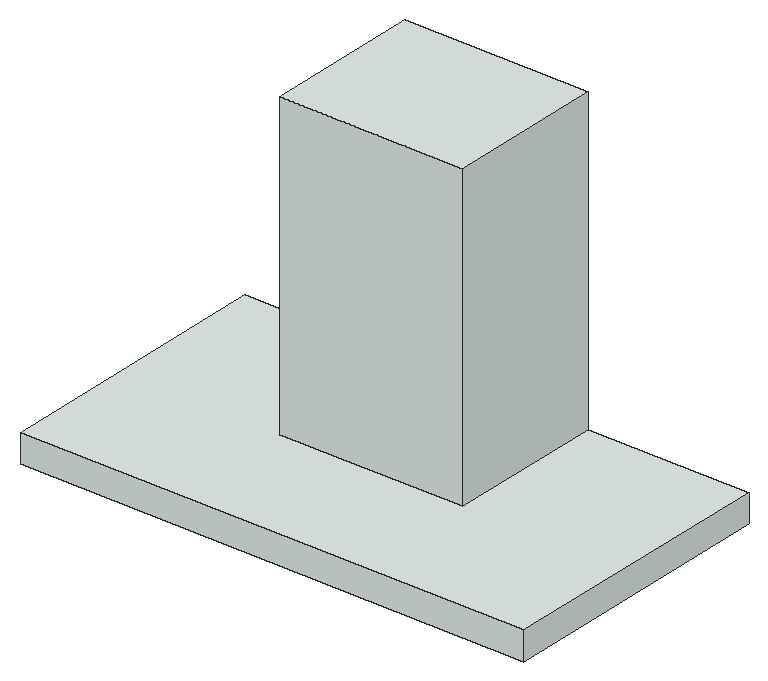
Revit family "Coifa_Tramontina", category Food Service Equipment, Revit 2025
Family settings
  Round Connector Dimension = Use Diameter
  Part Type = Normal
  Work Plane-Based = Yes
  Enable Cutting in Views = No
  Always vertical = No
  Cut with Voids When Loaded = Yes
  Maintain Annotation Orientation = No
  Shared = No
  Room Calculation Point = No
Parameters
  Material_Cuba_Coz = CT_Aço_Inox
  Default Elevation = 1.2192 m
  Coifa_Altura_Chamine = 0.54 m
  Coifa_Altura = 1.70 m
Reference planes (m)
  plane 1 "Center (Front/Back)": y = 0
  plane 2: z = 1.7
  plane 3 "Center (Left/Right)": x = 0
  plane 4 "PlanoInserção": z = 0
Forms (m)
  Extrusion 1, solid, material "CT_Aço_Inox" <- "Material_Cuba_Coz"
    sketch origin (0, 0, -0.03) x (1, 0, 0) y (0, 1, 0)
      loop
        line (-0.4493, -0.5) -> (0.4493, -0.5) -> (0.4493, 0) -> (-0.4493, 0) -> (-0.4493, -0.5)
    from 1.73 to 1.78
  Extrusion 2, solid, material "CT_Aço_Inox" <- "Material_Cuba_Coz"
    sketch origin (0, 0, 0) x (1, 0, 0) y (0, 1, 0)
      loop
        line (-0.16295, -0.2783) -> (0.16295, -0.2783) -> (0.16295, 0) -> (-0.16295, 0) -> (-0.16295, -0.2783)
    from 1.75 to 2.29
Cuts and joins
  joined: Extrusion 1, Extrusion 2
Lines and regions (m)
  symbolic lines
    curve 1: line (-0.4493, 0, 0) -> (0.4493, 0, 0)
    curve 2: line (-0.4493, -0.5, 0) -> (-0.4493, 0, 0)
    curve 3: line (0.4493, -0.5, 0) -> (-0.4493, -0.5, 0)
    curve 4: line (0.4493, 0, 0) -> (0.4493, -0.5, 0)
    curve 5: line (-0.16295, 0, 0) -> (0.16295, 0, 0)
    curve 6: line (-0.16295, -0.2783, 0) -> (-0.16295, 0, 0)
    curve 7: line (0.16295, -0.2783, 0) -> (-0.16295, -0.2783, 0)
    curve 8: line (0.16295, 0, 0) -> (0.16295, -0.2783, 0)
Dimensions and locks (m)
  cut or joined group of Extrusion 1, Extrusion 2 to cut or joined group of Extrusion 1, Extrusion 2 = 0.00 m
  locked: cut or joined group of Extrusion 1, Extrusion 2 to cut or joined group of Extrusion 1, Extrusion 2 at 0.5
  locked: cut or joined group of Extrusion 1, Extrusion 2 to cut or joined group of Extrusion 1, Extrusion 2 at 0.8986
  locked: plane 3 "Center (Left/Right)" to Extrusion 2 at 0.16295
  locked: plane 1 "Center (Front/Back)" to Extrusion 2 at 0.2783
  "Coifa_Altura": plane 2 to level
  "Coifa_Altura_Chamine": cut or joined group of Extrusion 1, Extrusion 2 to cut or joined group of Extrusion 1, Extrusion 2
  cut or joined group of Extrusion 1, Extrusion 2 to cut or joined group of Extrusion 1, Extrusion 2 = 0.05 m
  locked: plane 2 to Extrusion 1 at 0.05
  aligned and locked: Extrusion 2 to Extrusion 1
  aligned and locked: plane 4 "PlanoInserção" to level
  aligned and locked: cut or joined group of Extrusion 1, Extrusion 2 to plane 2
Automatic sketch dimensions
  Extrusion 1 sketch curve to plane 1 "Center (Front/Back)" = 0.00 m
  Extrusion 1 sketch curve to plane 3 "Center (Left/Right)" = 0.4493 m
  plane 3 "Center (Left/Right)" to Extrusion 1 sketch curve = 0.4493 m
  plane 1 "Center (Front/Back)" to Extrusion 1 sketch curve = 0.50 m
  plane 1 "Center (Front/Back)" to Extrusion 2 sketch curve = 0.00 m
  Extrusion 2 sketch curve to plane 3 "Center (Left/Right)" = 0.16295 m
  plane 3 "Center (Left/Right)" to Extrusion 2 sketch curve = 0.16295 m
  plane 1 "Center (Front/Back)" to Extrusion 2 sketch curve = 0.2783 m
  plane 1 "Center (Front/Back)" to curve 2 = 0.00 m
  plane 1 "Center (Front/Back)" to curve 6 = 0.00 m
  curve 3 to plane 3 "Center (Left/Right)" = 0.4493 m
  curve 6 to plane 3 "Center (Left/Right)" = 0.16295 m
  plane 3 "Center (Left/Right)" to curve 5 = 0.16295 m
  curve 5 to curve 1 = 0.28635 m
  plane 1 "Center (Front/Back)" to curve 7 = 0.2783 m
  curve 4 to curve 7 = 0.2217 m
